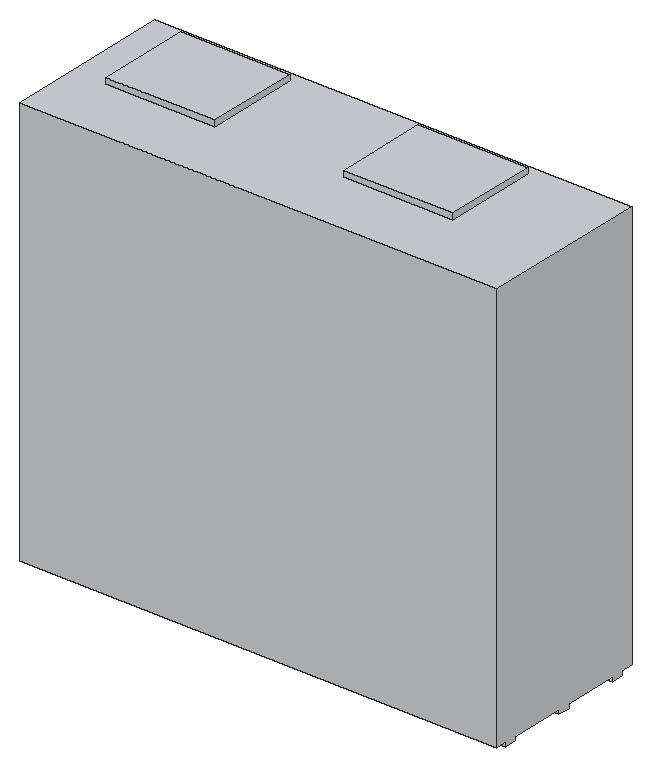
Revit family "e9e778ac27344cbd9f963bab7cddf771", category Mechanical Equipment, Revit 2021
Family settings
  Round Connector Dimension = Use Radius
  Part Type = Normal
  OmniClass Number = 23.75.10.21.17
  OmniClass Title = Water-Source Heat Pumps
  Seek Item ID = WSHP - Vertical - 13-25 Tons - Rear Return - Top Discharge-0000-USA-ENU
  Work Plane-Based = No
  Always vertical = Yes
  Cut with Voids When Loaded = No
  Shared = No
  Room Calculation Point = No
Parameters (values of type "25 Tons")
  Water Supply Radius = 3/4"
  Water Supply Diameter = Water Supply Radius * 2  # 1 1/2"
  Water Return Radius = 3/4"
  Water Return Diameter = Water Return Radius * 2  # 1 1/2"
  Water Pressure Drop [instance] = 12.90 psi
  Water Flow [instance] = 75 GPM
  Voltage = 460 V
  Supply Air Width = 18 205/256"
  Supply Air Height = 16 13/128"
  Return Air Width = 34 205/256"
  Return Air Height = 23 51/128"
  Pump Width = 2' - 5"
  Pump Material = none
  Pump Length = 6' - 10"
  Pump Height = 5' - 11 1/2"
  Number of Poles = 3
  Load Classification = Cooling
  Drain Flow [instance] = 0 GPM
  Default Elevation = 0' - 0"
  Air Flow 1 [instance] = Air Flow / 2  # 4500 CFM
  Distance 1 = 1' - 10 13/128"
  Condensate Radius = 1/2"
  Condensate Diameter = Condensate Radius * 2  # 1"
  C8 Offset 2 = 0' - 2 13/128"
  C8 Offset 1 = 0' - 1"
  C6 Offset 2 = 1' - 10 77/128"
  C6 Offset 1 = 0' - 3 13/128"
  C4 Offset 1 = 0' - 5 205/256"
  C3 Offset 1 = 1' - 2 1/2"
  C2 Offset 1 = 0' - 4"
  C1 Offset 2 = 1' - 8 1/2"
  C1 Offset 1 = 0' - 7 51/128"
  Apparent Load = 21896 VA
  External Static Pressure [instance] = 1.20 in-wg
  Air Flow [instance] = 9000 CFM
Types (5): name | Water Pressure Drop | Water Flow | Supply Air Width | Supply Air Height | Air Flow 1 | Distance 1 | C4 Offset 1 | Apparent Load | External Static Pressure | Air Flow
  (no name) | 12.90 psi | 75 GPM | 18 205/256" | 16 13/128" | 4500 CFM | 1' - 10 13/128" | 0' - 5 205/256" | 21896 VA | 1.20 in-wg | 9000 CFM
  13 Tons | 9.40 psi | 37 GPM | 14 179/256" | 15 205/256" | 2600 CFM | 1' - 1 205/256" | 1' - 7 51/128" | 11132 VA | 1.00 in-wg | 5200 CFM
  17 Tons | 11.10 psi | 48 GPM | 18 205/256" | 16 13/128" | 3500 CFM | 1' - 10 77/256" | 0' - 5 205/256" | 17296 VA | 1.50 in-wg | 7000 CFM
  20 Tons | 14.60 psi | 60 GPM | 18 205/256" | 16 13/128" | 4200 CFM | 1' - 10 77/256" | 0' - 5 205/256" | 18768 VA | 1.50 in-wg | 8400 CFM
  25 Tons | 12.90 psi | 75 GPM | 18 205/256" | 16 13/128" | 4500 CFM | 1' - 10 13/128" | 0' - 5 205/256" | 21896 VA | 1.20 in-wg | 9000 CFM
Reference planes (in)
  plane 1 "Center (Front/Back)": y = 0
  plane 2: z = 0
  plane 3 "Center (Left/Right)": x = 0
  plane 4: y = 29
  plane 5: x = 82
  plane 6: z = 0.75
  plane 7: z = 71.5
  plane 8: y = 4
  plane 9: y = 7.39844
  plane 10: y = 14.5
  plane 11: z = 21.25
  plane 12: x = -1
  plane 13: z = 2.85156
  plane 14: x = 81
  plane 15: x = 5.80078
  plane 16: x = 24.60156
  plane 17: x = 46.70313
  plane 18: x = 65.50391
  plane 19: y = 27.25
  plane 20: y = 11.14844
  plane 21: z = 72.5
  plane 22: z = 48.89844
  plane 23: z = 25.5
  plane 24: x = 3.10156
  plane 25: x = 37.90234
  plane 26: x = 44.20234
  plane 27: x = 79.00313
  plane 28: y = 30
  plane 29: y = 14.5
  plane 30: y = 15.5
  plane 31: y = 13.5
  plane 32: y = 27
  plane 33: y = 25
  plane 34: y = 2
  plane 35: y = 4
Forms (in)
  Extrusion 1, solid, material <- "Pump Material"
    sketch origin (0, 0, 0) x (1, 0, 0) y (0, 1, 0)
      loop
        line (0, 29) -> (0, 0) -> (82, 0) -> (82, 29) -> (0, 29)
    from 0.75 to 71.5
  Extrusion 2, solid, material <- "Pump Material"
    sketch origin (0, 0, 0) x (0, 1, 0) y (0, 0, 1)
      loop
        circle (4, 21.25) r 0.75
    from -1 to 0
  Extrusion 3, solid, material <- "Pump Material"
    sketch origin (0, 0, 0) x (0, 1, 0) y (0, 0, 1)
      loop
        circle (7.39844, 21.25) r 0.75
    from -1 to 0
  Extrusion 4, solid, material <- "Pump Material"
    sketch origin (0, 0, 0) x (0, 1, 0) y (0, 0, 1)
      loop
        circle (14.5, 21.25) r 0.5
    from -1 to 0
  Extrusion 5, solid, material <- "Pump Material"
    sketch origin (0, 0, 0) x (1, 0, 0) y (0, 0, 1)
      loop
        circle (81, 2.85156) r 0.5
    from -1 to 0
  Extrusion 6, solid, material <- "Pump Material"
    sketch origin (0, 0, 0) x (1, 0, 0) y (0, 1, 0)
      loop
        line (5.80078, 27.25) -> (5.80078, 11.14844) -> (24.60156, 11.14844) -> (24.60156, 27.25) -> (5.80078, 27.25)
      loop
        line (46.70313, 27.25) -> (46.70313, 11.14844) -> (65.50391, 11.14844) -> (65.50391, 27.25) -> (46.70313, 27.25)
    from 71.5 to 72.5
  Extrusion 7, solid, material <- "Pump Material"
    sketch origin (0, 0, 0) x (1, 0, 0) y (0, 0, 1)
      loop
        line (3.10156, 48.89844) -> (3.10156, 25.5) -> (37.90234, 25.5) -> (37.90234, 48.89844) -> (3.10156, 48.89844)
      loop
        line (44.20234, 48.89844) -> (44.20234, 25.5) -> (79.00313, 25.5) -> (79.00313, 48.89844) -> (44.20234, 48.89844)
    from -30 to -29
  Extrusion 8, solid, material <- "Pump Material"
    sketch origin (0, 0, 0) x (1, 0, 0) y (0, 1, 0)
      loop
        line (0, 27) -> (0, 25) -> (82, 25) -> (82, 27) -> (0, 27)
      loop
        line (0, 15.5) -> (0, 13.5) -> (82, 13.5) -> (82, 15.5) -> (0, 15.5)
      loop
        line (0, 4) -> (0, 2) -> (82, 2) -> (82, 4) -> (0, 4)
    from 0 to 0.75
Cuts and joins
  joined: Extrusion 1, Extrusion 2, Extrusion 3, Extrusion 4, Extrusion 5, Extrusion 6, Extrusion 7, Extrusion 8
Dimensions and locks (in)
  locked: plane 6 to level at 0.75
  "Pump Height": plane 7 to level
  "Pump Length": plane 3 "Center (Left/Right)" to plane 5
  "C2 Offset 1": plane 8 to plane 1 "Center (Front/Back)"
  "C1 Offset 1": plane 9 to plane 1 "Center (Front/Back)"
  "C3 Offset 1": plane 10 to plane 1 "Center (Front/Back)"
  "C1 Offset 2": plane 11 to plane 6
  locked: plane 12 to plane 3 "Center (Left/Right)" at 1
  "C8 Offset 1": plane 14 to plane 5
  "C8 Offset 2": plane 13 to plane 6
  "Pump Width": plane 4 to plane 1 "Center (Front/Back)"
  "C4 Offset 1": plane 3 "Center (Left/Right)" to plane 15
  "Supply Air Width": plane 15 to plane 16
  "Distance 1": plane 16 to plane 17
  "Supply Air Width": plane 17 to plane 18
  locked: plane 4 to plane 19 at 1.75
  "Supply Air Height": plane 19 to plane 20
  locked: plane 21 to plane 7 at 1
  "C6 Offset 2": plane 7 to plane 22
  "Return Air Height": plane 22 to plane 23
  "C6 Offset 1": plane 24 to plane 3 "Center (Left/Right)"
  "Return Air Width": plane 25 to plane 24
  locked: plane 26 to plane 25 at 6.3
  "Return Air Width": plane 27 to plane 26
  locked: plane 28 to plane 4 at 1
  equal spacing: plane 4, plane 29, plane 1 "Center (Front/Back)"
  locked: plane 30 to plane 31 at 2
  equal spacing: plane 30, plane 29, plane 31
  locked: plane 4 to plane 32 at 2
  locked: plane 32 to plane 33 at 2
  locked: plane 34 to plane 35 at 2
  locked: plane 1 "Center (Front/Back)" to plane 34 at 2
  "Water Return Radius": radius of Extrusion 2 sketch curve
  "Water Supply Radius": radius of Extrusion 3 sketch curve
  "Condensate Radius": radius of Extrusion 4 sketch curve
  aligned and locked: plane 3 "Center (Left/Right)" to Extrusion 1 sketch curve
  aligned and locked: Extrusion 1 sketch curve to plane 4
  aligned and locked: plane 1 "Center (Front/Back)" to Extrusion 1 sketch curve
  aligned and locked: Extrusion 1 sketch curve to plane 5
  aligned and locked: Extrusion 1 to plane 7
  aligned and locked: Extrusion 1 to plane 6
  aligned and locked: plane 11 to Extrusion 2 sketch curve
  aligned and locked: plane 8 to Extrusion 2 sketch curve
  aligned and locked: plane 9 to Extrusion 3 sketch curve
  aligned and locked: plane 11 to Extrusion 3 sketch curve
  aligned and locked: plane 11 to Extrusion 4 sketch curve
  aligned and locked: plane 10 to Extrusion 4 sketch curve
  aligned and locked: plane 12 to Extrusion 2
  aligned and locked: plane 3 "Center (Left/Right)" to Extrusion 2
  aligned and locked: Extrusion 3 to Extrusion 2
  aligned and locked: plane 3 "Center (Left/Right)" to Extrusion 3
  aligned and locked: Extrusion 4 to Extrusion 2
  aligned and locked: plane 3 "Center (Left/Right)" to Extrusion 4
  aligned and locked: plane 13 to Extrusion 5 sketch curve
  aligned and locked: plane 14 to Extrusion 5 sketch curve
  aligned and locked: Extrusion 1 to Extrusion 5
  aligned and locked: plane 15 to Extrusion 6 sketch curve
  aligned and locked: Extrusion 6 sketch curve to plane 19  (x2)
  aligned and locked: plane 20 to Extrusion 6 sketch curve  (x2)
  aligned and locked: Extrusion 6 sketch curve to plane 16
  aligned and locked: plane 17 to Extrusion 6 sketch curve  (x2)
  aligned and locked: Extrusion 6 sketch curve to plane 18
  aligned and locked: plane 21 to Extrusion 6
  aligned and locked: Extrusion 6 to plane 7
  aligned and locked: plane 24 to Extrusion 7 sketch curve
  aligned and locked: Extrusion 7 sketch curve to plane 22  (x2)
  aligned and locked: plane 23 to Extrusion 7 sketch curve  (x2)
  aligned and locked: Extrusion 7 sketch curve to plane 25
  aligned and locked: plane 26 to Extrusion 7 sketch curve  (x2)
  aligned and locked: Extrusion 7 sketch curve to plane 27
  aligned and locked: plane 28 to Extrusion 7
  aligned and locked: Extrusion 7 to plane 4
  aligned and locked: Extrusion 8 sketch curve to plane 32
  aligned and locked: plane 33 to Extrusion 8 sketch curve
  aligned and locked: plane 3 "Center (Left/Right)" to Extrusion 8 sketch curve  (x2)
  aligned and locked: Extrusion 8 sketch curve to plane 5  (x2)
  aligned and locked: Extrusion 8 sketch curve to plane 34
  aligned and locked: plane 35 to Extrusion 8 sketch curve
  aligned and locked: Extrusion 8 sketch curve to Extrusion 1
  aligned and locked: Extrusion 8 sketch curve to plane 30
  aligned and locked: plane 31 to Extrusion 8 sketch curve
  aligned and locked: Extrusion 8 to plane 2
  aligned and locked: Extrusion 8 to plane 6
Automatic sketch dimensions
  Extrusion 8 sketch curve to plane 3 "Center (Left/Right)" = 0' - 0"
  radius of Extrusion 5 sketch curve = 0' - 0 1/2"
Connectors (in)
  piping at (-1, 7.39844, 21.25), diameter 1.5, driven by "Water Supply Radius", driven by "Water Flow"
    settings: on Extrusion 3, index 1, connector inside diameter 1 1/2", connector length 0' - 0", flow factor 0, pipe flow 75 GPM, pressure drop 0.00 psi, fitting loss kfactor 0, connector angle 0.00°, fixture units 0, engagement length 0' - 0", angle of deflection 0.00°, flow configuration 1, flow direction 1, fitting loss method 4, system type 7, joint type 0, gender type 0, connector reference index 2, connector utility 0, adjustable connector no, is connector primary yes, connector description "Water Supply In"
  piping at (-1, 4, 21.25), diameter 1.5, driven by "Water Flow", driven by "Water Pressure Drop", driven by "Water Return Radius"
    settings: on Extrusion 2, index 2, connector inside diameter 1 1/2", connector length 0' - 0", flow factor 0, pipe flow 75 GPM, pressure drop 12.90 psi, fitting loss kfactor 0, connector angle 0.00°, fixture units 0, engagement length 0' - 0", angle of deflection 0.00°, flow configuration 1, flow direction 2, fitting loss method 4, system type 8, joint type 0, gender type 0, connector reference index 1, connector utility 0, adjustable connector no, is connector primary no, connector description "Water Return Out"
  piping at (-1, 14.5, 21.25), diameter 1, driven by "Condensate Radius", driven by "Drain Flow"
    settings: on Extrusion 4, index 3, connector inside diameter 1", connector length 0' - 0", flow factor 0, pipe flow 0 GPM, pressure drop 0.00 psi, fitting loss kfactor 0, connector angle 0.00°, fixture units 0, engagement length 0' - 0", angle of deflection 0.00°, flow configuration 1, flow direction 2, fitting loss method 0, system type 16, joint type 0, gender type 0, connector reference index -1, connector utility 0, adjustable connector yes, is connector primary no, connector description "Condensate Out"
  hvac at (15.20117, 19.19922, 72.5), driven by "Air Flow 1", driven by "Supply Air Height", driven by "Supply Air Width"
    settings: on Extrusion 6, index 4, duct flow 4500 CFM, flow factor 0, pres drop 1.20 in-wg, loss coef 0, conn angle 0.00°, conn width 18 205/256", conn height 16 13/128", conn diameter 24", duct sys type 1, conn prof type 1, flow config 0, flow direction 2, loss method 0, conn ref index -1, conn util no, is conn primary yes, conn desc ""
  hvac at (56.10352, 19.19922, 72.5), driven by "Air Flow 1", driven by "Supply Air Height", driven by "Supply Air Width"
    settings: on Extrusion 6, index 5, duct flow 4500 CFM, flow factor 0, pres drop 1.20 in-wg, loss coef 0, conn angle 0.00°, conn width 18 205/256", conn height 16 13/128", conn diameter 24", duct sys type 1, conn prof type 1, flow config 0, flow direction 2, loss method 0, conn ref index -1, conn util no, is conn primary no, conn desc ""
  hvac at (20.50195, 30, 37.19922), driven by "Air Flow 1", driven by "Return Air Height", driven by "Return Air Width"
    settings: on Extrusion 7, index 6, duct flow 4500 CFM, flow factor 0, pres drop 0.00 in-wg, loss coef 0, conn angle 0.00°, conn width 34 205/256", conn height 23 51/128", conn diameter 24", duct sys type 2, conn prof type 1, flow config 0, flow direction 1, loss method 0, conn ref index -1, conn util no, is conn primary no, conn desc ""
  hvac at (61.60273, 30, 37.19922), driven by "Air Flow 1", driven by "Return Air Height", driven by "Return Air Width"
    settings: on Extrusion 7, index 7, duct flow 4500 CFM, flow factor 0, pres drop 0.00 in-wg, loss coef 0, conn angle 0.00°, conn width 34 205/256", conn height 23 51/128", conn diameter 24", duct sys type 2, conn prof type 1, flow config 0, flow direction 1, loss method 0, conn ref index -1, conn util no, is conn primary no, conn desc ""
  electrical at (81, 0, 2.85156), driven by "Apparent Load", driven by "Voltage", driven by "Number of Poles", driven by "Load Classification"
    settings: on Extrusion 5, index 8, voltage 460 V, apparent load 21896 VA, apparent load phase1 0 VA, apparent load phase2 0 VA, apparent load phase3 0 VA, power factor 0.8, load classification "Cooling", number of poles 3, system type 30, power factor state 1, is connector primary yes, connector utility no, sub classification motor no, connector description ""
